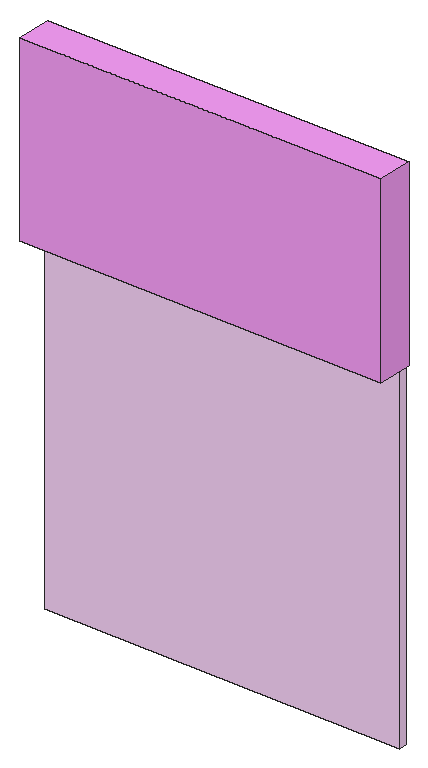
Revit family "EXP_WT-1A_CPan-019", category Curtain Panels, Revit 2021
Family settings
  OmniClass Number = 23.25.20.14.11.11.17
  OmniClass Title = Infill Panels
  Always vertical = Yes
  Cut with Voids When Loaded = No
  Shared = No
Parameters (values of type "H2 = 8'  5 1/2"")
  codifica [instance] = 900000
  UI-UnitNumber [instance] = "001"
  UI-Quadrant [instance] = "SE"
  UI-ProjectAbbreviation = "NEU"
  UI-ItemCategory = "PID"
  UI-FloorNumber [instance] = "03"
  PNT-WallType = "WT1A"
  PNT-ProjectAbbreviation = "NEU"
  PNT-PanelType [instance] = "01"
  PNT-ItemCategory = "PNL"
  GlassSPH2(x2) [instance] = 0' - 2 3/16"
  GlassH2 [instance] = IG-1F(Glass)
  GlassH1 [instance] = IG-3F(Glass)
  Define Thermal Properties by = Schematic Type
  CellSp = 0' - 10 3/16"
  CellL [instance] = 8' - 10"
  CellH2 = 8' - 5 1/2"
  CellH1 [instance] = CellH - CellH2  # 4' - 5 1/2"
  CellH [instance] = 12' - 11"
  Analytic Construction = "<None>"
Reference planes (in)
  plane 1 "Center (Front/Back)": y = 0
  plane 2: z = 0
  plane 3 "Center (Left/Right)": x = 0
  plane 4 "Left": x = -53
  plane 5 "Right": x = 53
  plane 6 "Top": z = 155
  plane 7: z = 101.5
  plane 8: y = -10.1875
Forms (in)
  Extrusion 1, solid, material "IG-1F(Glass)" <- "GlassH2", detail levels coarse+medium
    sketch origin (0, 0, 0) x (0, 1, 0) y (0, 0, 1)
      loop
        line (-10.1875, 101.5) -> (-10.1875, 0) -> (0, 0) -> (0, 101.5) -> (-10.1875, 101.5)
    from -53 to 53
  Extrusion 2, solid, material "IG-3F(Glass)" <- "GlassH1"
    sketch origin (0, 0, 0) x (0, 1, 0) y (0, 0, 1)
      loop
        line (-10.1875, 155) -> (-10.1875, 101.5) -> (0, 101.5) -> (0, 155) -> (-10.1875, 155)
    from -53 to 53
Text (in)
  text "Exterior" at (-92.59733, 55.75508, 0), in view "Ref. Level"
  text "Exterior" at (0, 90.18664, 173.49264), in view "Left"
  text "Exterior" at (0, 52.29083, 162.21847), in view "Right"
Dimensions and locks (in)
  equal spacing: plane 4 "Left", plane 3 "Center (Left/Right)", plane 5 "Right"  (x2)
  "CellH2": plane 2 to plane 7
  "CellH1": plane 7 to plane 6 "Top"
  Extrusion 2 sketch curve to Extrusion 2 sketch curve = 0' - 10 3/16"
  "CellL": plane 4 "Left" to plane 5 "Right"
  "CellH": plane 2 to plane 6 "Top"
  "CellSp": plane 8 to plane 1 "Center (Front/Back)"
  aligned and locked: level to plane 2
  aligned and locked: Extrusion 1 sketch curve to plane 7
  aligned and locked: plane 8 to Extrusion 1 sketch curve
  aligned and locked: level to Extrusion 1 sketch curve
  aligned and locked: plane 1 "Center (Front/Back)" to Extrusion 1 sketch curve
  aligned and locked: plane 4 "Left" to Extrusion 1
  aligned and locked: Extrusion 1 to plane 5 "Right"
  aligned and locked: plane 6 "Top" to Extrusion 2 sketch curve
  aligned and locked: plane 8 to Extrusion 2 sketch curve
  aligned and locked: Extrusion 2 to plane 5 "Right"
  aligned and locked: plane 4 "Left" to Extrusion 2
  aligned and locked: Extrusion 2 to plane 1 "Center (Front/Back)"
  aligned and locked: nested 1 to Extrusion 1  (x2)
  aligned and locked: nested 1 to plane 5 "Right"
  aligned and locked: nested 2 to Extrusion 2  (x2)
  aligned and locked: nested 2 to level
  aligned and locked: plane 1 "Center (Front/Back)" to nested 3
  aligned and locked: plane 5 "Right" to nested 3
  aligned and locked: plane 4 "Left" to nested 3
  aligned and locked: Extrusion 2 to plane 6 "Top"
  aligned and locked: Extrusion 1 to level
  aligned and locked: plane 1 "Center (Front/Back)" to nested 4
  aligned and locked: plane 7 to nested 4
  aligned and locked: plane 4 "Left" to nested 4
  aligned and locked: plane 5 "Right" to nested 4
  aligned and locked: plane 2 to nested 4
Automatic sketch dimensions
  Extrusion 2 sketch curve to plane 7 = 0' - 0"
Nested families (in)
  nested 1: "EXP_WT-1A_DetO-001" at (-53, 0, 0), type "EXP_WT-1A_DetO-001"
    with built-in parameter 1001306 8.8333 (stored number, unit not read)
  nested 2: "EXP_WT-1A_DetO-003" at (0, 0, 155) x (0, 0, -1) z (1, 0, 0), CellH1 <- "CellH1", CellH2 <- "CellH2", type "EXP_WT-1A_DetO-003"
    with built-in parameter 1001306 12.917 (stored number, unit not read), CellH2 8' - 5 1/2", CellH1 4' - 5 1/2"
  nested 3: "EXP_xx_DetO-002" at (0, 0, 0), CellH <- "CellH", CellL <- "CellL", type "EXP_xx_DetO-002", detail levels coarse
    with CellL 8' - 10", CellH 12' - 11"
  nested 4: "EXP_WT-1x_IG-001" at (0, 0, 50.75), MaterialGlass <- "GlassH2", GlassSP <- "GlassSPH2(x2)", type "GlassSP = H2(x2)", detail levels fine
    with MaterialGlass IG-1F(Glass), GlassSP 0' - 2 3/16", GlassL 8' - 8.12598", GlassH 8' - 3.56299", CellL 8' - 10", CellH 8' - 5 1/2"
Definition of nested family "EXP_WT-1x_IG-001"
  Parameters (values of type "H2 _ GlassSP = 1 1/4"")
    MaterialGlass [instance] = none
    GlassSP [instance] = 0' - 1 1/4"
    GlassL [instance] = CellL - (GlassD1 + GlassD3)  # 3' - 10.94439"
    GlassH [instance] = CellH - (GlassD2 + GlassD4)  # 6' - 6.64788"
    GlassD4 = 0' - 1.43701"
    GlassD3 = 0' - 0.93701"
    GlassD2 = 0' - 0 1/2"
    GlassD1 = 0' - 0 15/16"
    GMPI-ProjectAbbreviation = "NEU"
    GMPI-IteamCategory = "GLS"
    Default Elevation = 0' - 0"
    CellL [instance] = 4' - 0.8189"
    CellH [instance] = 6' - 8.58489"
  Types (12): name | GlassSP | GlassL | GlassH | GlassD4 | GlassD2 | GlassD1
    H2(x2) _ GlassSP = 2 1/8" | 0' - 2.12598" | 3' - 10.94488" | 6' - 6.64788" | 0' - 1.43701" | 0' - 0 1/2" | 0' - 0.93701"
    H1 _ GlassSP = 1 1/4" | 0' - 1 1/4" | 3' - 10.94439" | 6' - 6.89739" | 0' - 0 1/4" | 0' - 1 7/16" | 0' - 0 15/16"
    H2(x3) _ GlassSP = 2 1/8" | 0' - 2.12598" | 3' - 10.94488" | 6' - 7.83489" | 0' - 0 1/4" | 0' - 0 1/2" | 0' - 0.93701"
    H3 _ GlassSP = 1 1/4" | 0' - 1 1/4" | 3' - 10.94439" | 6' - 6.64788" | 0' - 1.43701" | 0' - 0 1/2" | 0' - 0 15/16"
    H _ GlassSP = 2 1/8" | 0' - 2.12598" | 3' - 10.94488" | 6' - 5.71088" | 0' - 1.43701" | 0' - 1.43701" | 0' - 0.93701"
    H _ GlassSP = 1 1/4" | 0' - 1 1/4" | 3' - 10.94439" | 6' - 5.71088" | 0' - 1.43701" | 0' - 1.43701" | 0' - 0 15/16"
    H2 _ GlassSP = 1 1/4" | 0' - 1 1/4" | 3' - 10.94439" | 6' - 6.64788" | 0' - 1.43701" | 0' - 0 1/2" | 0' - 0 15/16"
    GlassSP = H | 0' - 1 1/4" | 3' - 10.94439" | 6' - 5.71088" | 0' - 1.43701" | 0' - 1.43701" | 0' - 0 15/16"
    GlassSP = H3 | 0' - 1 1/4" | 3' - 10.94439" | 6' - 6.64788" | 0' - 1.43701" | 0' - 0 1/2" | 0' - 0 15/16"
    GlassSP = H2(x3) | 0' - 2.12598" | 3' - 10.94488" | 6' - 7.83489" | 0' - 0 1/4" | 0' - 0 1/2" | 0' - 0.93701"
    GlassSP = H2(x2) | 0' - 2.12598" | 3' - 10.94488" | 6' - 6.64788" | 0' - 1.43701" | 0' - 0 1/2" | 0' - 0.93701"
    GlassSP = H1 | 0' - 1 1/4" | 3' - 10.94439" | 6' - 6.89739" | 0' - 0 1/4" | 0' - 1 7/16" | 0' - 0 15/16"
  Reference planes (in)
    plane 1 "Center (Front/Back)": y = 0
    plane 2: z = 0
    plane 3 "Center (Left/Right)": x = 0
    plane 4: x = -24.40945
    plane 5: x = 24.40945
    plane 6: z = 40.29245
    plane 7: x = -23.47195
    plane 8: x = 23.47244
    plane 9: z = -40.29245
    plane 10: z = 39.79245
    plane 11: z = -38.85544
  Forms (in)
    Extrusion 1, solid, material <- "MaterialGlass"
      sketch origin (0, 0, 0) x (1, 0, 0) y (0, 0, 1)
        loop
          line (-23.47195, -38.85544) -> (23.47244, -38.85544) -> (23.47244, 39.79245) -> (-23.47195, 39.79245) -> (-23.47195, -38.85544)
      from 0 to 1.25 <- "GlassSP"
  Dimensions and locks (in)
    equal spacing: plane 6, level, plane 9
    "CellH": plane 6 to plane 9
    "GlassD2": plane 6 to plane 10
    "GlassD4": plane 11 to plane 9
    equal spacing: plane 4, plane 3 "Center (Left/Right)", plane 5
    "CellL": plane 4 to plane 5
    "GlassD1": plane 4 to plane 7
    "GlassD3": plane 5 to plane 8
    aligned and locked: level to plane 2
    aligned and locked: Extrusion 1 sketch curve to plane 11
    aligned and locked: Extrusion 1 sketch curve to plane 7
    aligned and locked: plane 10 to Extrusion 1 sketch curve
    aligned and locked: plane 8 to Extrusion 1 sketch curve
Definition of nested family "EXP_WT-1A_DetO-001"
  Parameters (values of type "EXP_WT-1A_DetO-001")
    built-in parameter 1001306 [instance] = 5' - 2.99213"
  Reference planes (in)
    plane 1 "Center (Front/Back)": y = 0
    plane 2: z = 0
    plane 3 "Left": x = 0
    plane 4 "Right": x = 62.99213
  Lines and regions (in)
    reference lines, in view "Ref. Level"
      curve 1: line (0, 0, 0) -> (62.99213, 0, 0)
    detail lines, in view "Ref. Level"
      curve 2: line (0.25, 0, 0) -> (0.5458, 0, 0)
      curve 3: line (0.25, 0, 0) -> (0.5458, 0, 0)
      curve 4: line (62.99213, -0.81795, 0) -> (62.99213, -10.1875, 0)
      curve 5: line (62.99213, -10.1875, 0) -> (60.99213, -10.1875, 0)
      curve 6: line (60.99213, -10.1875, 0) -> (60.99213, -2.43678, 0)
      curve 7: line (60.99213, -2.43678, 0) -> (62.44632, -2.43678, 0)
      curve 8: line (62.44632, -2.43678, 0) -> (62.44632, 0, 0)
      curve 9: line (62.44632, 0, 0) -> (62.74213, 0, 0)
      curve 10: line (62.74213, 0, 0) -> (62.74213, -0.81795, 0)
      curve 11: line (62.99213, -0.81795, 0) -> (62.74213, -0.81795, 0)
      curve 12: line (0.25, 0, 0) -> (0.25, -0.81795, 0)
      curve 13: line (0.25, 0, 0) -> (0.5458, 0, 0)
      curve 14: line (0, -0.81795, 0) -> (0.25, -0.81795, 0)
      curve 15: line (0, -0.81795, 0) -> (0, -10.1875, 0)
      curve 16: line (2, -10.1875, 0) -> (0, -10.1875, 0)
      curve 17: line (2, -2.43676, 0) -> (2, -10.1875, 0)
      curve 18: line (0.5458, -2.43676, 0) -> (2, -2.43676, 0)
      curve 19: line (0.5458, -2.43676, 0) -> (0.5458, 0, 0)
      curve 20: line (0.94241, 0, 0) -> (62.04971, 0, 0)
      curve 21: line (0.94241, -1.31, 0) -> (0.94241, 0, 0)
      curve 22: line (0.94241, -1.31, 0) -> (62.04971, -1.31, 0)
      curve 23: line (62.04971, -1.31, 0) -> (62.04971, 0, 0)
  Dimensions and locks (in)
    "built-in parameter 1001306": plane 3 "Left" to plane 4 "Right"
    aligned and locked: plane 1 "Center (Front/Back)" to curve 1
    aligned and locked: plane 3 "Left" to curve 1
    aligned and locked: plane 4 "Right" to curve 1
    aligned and locked: curve 4 to plane 4 "Right"
    aligned and locked: curve 1 to curve 13
    aligned and locked: curve 15 to plane 3 "Left"
    aligned and locked: curve 1 to curve 20
    aligned and locked: curve 5 to curve 16
  Automatic sketch dimensions
    plane 1 "Center (Front/Back)" to curve 9 = 0' - 0"
    curve 2 to curve 2 = 0' - 0.2958"
    curve 7 to plane 4 "Right" = 0' - 2"
    curve 9 to plane 4 "Right" = 0' - 0.5458"
    curve 10 to curve 4 = 0' - 0 1/4"
    plane 1 "Center (Front/Back)" to curve 4 = 0' - 0.81795"
    curve 7 to curve 10 = 0' - 1.61883"
    curve 5 to curve 7 = 0' - 7.75072"
    plane 1 "Center (Front/Back)" to curve 15 = 0' - 0.81795"
    plane 3 "Left" to curve 16 = 0' - 2"
    curve 17 to curve 12 = 0' - 1.61881"
    plane 3 "Left" to curve 20 = 0' - 0.94241"
    curve 23 to curve 10 = 0' - 0.69242"
    curve 23 to curve 10 = 0' - 0.49205"
    plane 3 "Left" to curve 14 = 0' - 0 1/4"
Definition of nested family "EXP_WT-1A_DetO-003"
  Parameters (values of type "EXP_WT-1A_DetO-003")
    built-in parameter 1001306 [instance] = 12' - 11"
    CellH2 [instance] = 9' - 8"
    CellH1 [instance] = 3' - 3"
    CellH [instance] = 12' - 11"
  Reference planes (in)
    plane 1 "Center (Front/Back)": y = 0
    plane 2: z = 0
    plane 3 "Left": x = 0
    plane 4 "Right": x = 155
    plane 5: x = 39
  Lines and regions (in)
    reference lines, in view "Ref. Level"
      curve 1: line (0, 0, 0) -> (155, 0, 0)
    detail lines, in view "Ref. Level"
      curve 2: line (37.25001, -10.1875, 0) -> (37.25001, -2.41263, 0)
      curve 3: line (37.25001, -2.41263, 0) -> (40.74999, -2.41263, 0)
      curve 4: line (40.74999, -2.41263, 0) -> (40.74999, -10.1875, 0)
      curve 5: line (40.74999, -10.1875, 0) -> (37.25001, -10.1875, 0)
      curve 6: line (39.27639, -2.185, 0) -> (39.27639, 0, 0)
      curve 7: line (39.27639, 0, 0) -> (153.80789, 0, 0)
      curve 8: line (153.80789, -2.185, 0) -> (39.27639, -2.185, 0)
      curve 9: line (38.52639, -1.31, 0) -> (38.52639, 0, 0)
      curve 10: line (38.52639, 0, 0) -> (1.19241, 0, 0)
      curve 11: line (38.52639, -1.31, 0) -> (1.19241, -1.31, 0)
      curve 12: line (0, -10.1875, 0) -> (2.125, -10.1875, 0)
      curve 13: line (0, -0.81812, 0) -> (0, -10.1875, 0)
      curve 14: line (0.5, 0, 0) -> (0.5, -0.81812, 0)
      curve 15: line (0.5, 0, 0) -> (0.7958, 0, 0)
      curve 16: line (0, -0.81812, 0) -> (0.5, -0.81812, 0)
      curve 17: line (0.7958, -2.43676, 0) -> (0.7958, 0, 0)
      curve 18: line (2.125, -2.43676, 0) -> (0.7958, -2.43676, 0)
      curve 19: line (2.125, -10.1875, 0) -> (2.125, -2.43676, 0)
      curve 20: line (1.19241, -1.31, 0) -> (1.19241, 0, 0)
      curve 21: line (155, 60, 0) -> (155, -10.1875, 0)
      curve 22: line (155, -10.1875, 0) -> (151.625, -10.1875, 0)
      curve 23: line (151.625, -10.1875, 0) -> (151.625, -2.43679, 0)
      curve 24: line (151.625, -2.43679, 0) -> (154.2042, -2.43679, 0)
      curve 25: line (154.2042, -2.43679, 0) -> (154.2042, 0, 0)
      curve 26: line (154.5, 0, 0) -> (154.5, -0.81812, 0)
      curve 27: line (154.2042, 0, 0) -> (154.5, 0, 0)
      curve 28: line (155, -0.81812, 0) -> (154.5, -0.81812, 0)
      curve 29: line (155, -0.81812, 0) -> (155, -10.1875, 0)
      curve 30: line (153.80789, -2.185, 0) -> (153.80789, 0, 0)
  Dimensions and locks (in)
    "built-in parameter 1001306": plane 3 "Left" to plane 4 "Right"
    "CellH": plane 3 "Left" to plane 4 "Right"
    "CellH2": plane 5 to plane 4 "Right"
    "CellH1": plane 3 "Left" to plane 5
    aligned and locked: plane 1 "Center (Front/Back)" to curve 1
    aligned and locked: plane 3 "Left" to curve 1
    aligned and locked: plane 4 "Right" to curve 1
    aligned and locked: curve 1 to curve 7
    aligned and locked: curve 10 to plane 1 "Center (Front/Back)"
    aligned and locked: curve 13 to plane 3 "Left"
    aligned and locked: curve 1 to curve 15
    aligned and locked: curve 21 to plane 4 "Right"
    aligned and locked: curve 29 to plane 4 "Right"
    aligned and locked: curve 5 to curve 12
    aligned and locked: curve 22 to curve 5
  Automatic sketch dimensions
    plane 5 to curve 3 = 0' - 1 3/4"
    plane 1 "Center (Front/Back)" to curve 3 = 0' - 2.41263"
    curve 5 to plane 5 = 0' - 1 3/4"
    plane 5 to curve 6 = 0' - 0.27639"
    curve 6 to curve 6 = 0' - 2.185"
    curve 9 to plane 5 = 0' - 0.47361"
    plane 1 "Center (Front/Back)" to curve 13 = 0' - 0.81812"
    plane 3 "Left" to curve 14 = 0' - 0 1/2"
    curve 14 to curve 17 = 0' - 0.2958"
    curve 17 to curve 18 = 0' - 1.3292"
    curve 18 to curve 14 = 0' - 1.61864"
    curve 14 to curve 20 = 0' - 0.69242"
    curve 20 to curve 14 = 0' - 0.49188"
    curve 21 to plane 1 "Center (Front/Back)" = 5' - 0"
    curve 24 to curve 24 = 0' - 2.5792"
    plane 1 "Center (Front/Back)" to curve 27 = 0' - 0"
    curve 25 to curve 26 = 0' - 0.2958"
    curve 28 to curve 28 = 0' - 0 1/2"
    curve 30 to curve 24 = 0' - 0.39631"
    curve 24 to curve 30 = 0' - 0.25179"
    plane 1 "Center (Front/Back)" to curve 26 = 0' - 0.81812"
    curve 22 to curve 24 = 0' - 7.75071"
Definition of nested family "EXP_xx_DetO-002"
  Parameters (values of type "EXP_xx_DetO-002")
    Default Elevation = 0' - 0"
    CellL [instance] = 5' - 4.56693"
    CellH [instance] = 5' - 2.99213"
  Reference planes (in)
    plane 1 "Center (Front/Back)": y = 0
    plane 2: z = 0
    plane 3 "Center (Left/Right)": x = 0
    plane 4: x = -32.28346
    plane 5: x = 32.28346
    plane 6: z = 62.99213
  Lines and regions (in)
    model lines
      curve 1: line (-32.28346, 0, 62.99213) -> (32.28346, 0, 0)
      curve 2: line (32.28346, 0, 62.99213) -> (-32.28346, 0, 0)
  Dimensions and locks (in)
    "CellH": plane 6 to level
    equal spacing: plane 4, plane 3 "Center (Left/Right)", plane 5
    "CellL": plane 4 to plane 5
    aligned and locked: level to plane 2
  Automatic sketch dimensions
    curve 2 to level = 0' - 0"
    plane 4 to curve 2 = 0' - 0"
    plane 4 to curve 1 = 0' - 0"
    plane 5 to curve 2 = 0' - 0"
    curve 1 to level = 0' - 0"
    plane 5 to curve 1 = 0' - 0"
    curve 2 to plane 6 = 0' - 0"
    curve 1 to plane 6 = 0' - 0"
